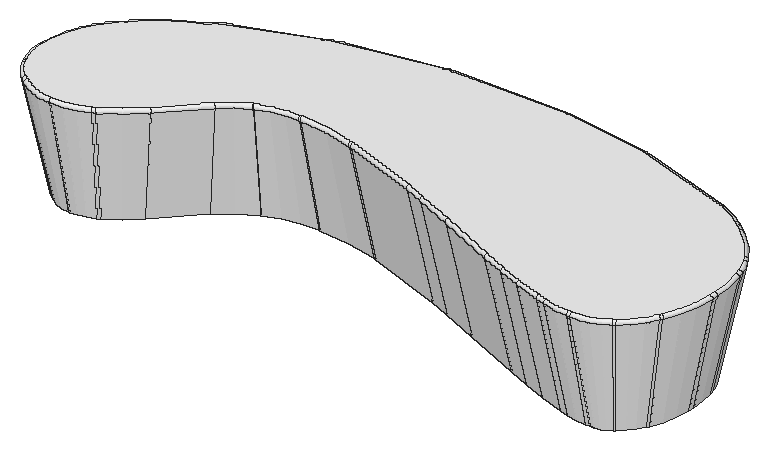
Revit family "HighTower_Plasma_Bench_Large", category Furniture, Revit 2015
Parameters
  Width = 7' - 3 1/2"
  URL = "www.hightoweraccess.com"
  Upholstery [instance] = Furniture - HIGH TOWER - Plasma - Upholstery
  Product URL = "http://www.hightoweraccess.com/pricelist/new/pdf/plasma.pdf"
  Model = "GZ5500"
  Manufacturer = "HighTower"
  Height = 1' - 3 1/2"
  Description = "Plasma - Large Bench"
  Depth = 2' - 4 1/2"
  Foot [instance] = Furniture - HIGH TOWER - Plasma - Foot
  Assembly Description = "Furniture & Accessories"
  Assembly Code = "E2020200"
Reference planes (in)
  plane 1 "Center Front/Back": y = -0.7523997
  plane 2: z = 0
  plane 3 "Center Left/Right": x = 0
  plane 4 "L": x = -43.75
  plane 5 "R": x = 43.75
  plane 6 "tt": z = 15.5
  plane 7 "F": y = -15.0023997
  plane 8: y = 13.4976003
  plane 9: through (-6.2533827, 2.3323677, 23.3895262) normal (0.4297, -0.4297, 0.7941)
Forms (in)
  Sweep 1, solid, material "Furniture - HIGH TOWER - Plasma - Upholstery" <- "Upholstery"
    path origin (0, 0, 15.5) x (-1, 0, 0) y (0, -1, 0)
      loop
        line (43.75, 6.9423497) -> (43.75, 7.1326372)
        arc (43.75, 7.1326372) -> (43.5334745, 8.9812919) -> (42.8956189, 10.7298764) r 8
        line (42.8956189, 10.7298764) -> (42.6515678, 11.2146638)
        arc (42.6515678, 11.2146638) -> (41.7715354, 12.5545608) -> (40.6097509, 13.659114) r 7
        line (40.6097509, 13.659114) -> (40.0939689, 14.0474792)
        arc (40.0939689, 14.0474792) -> (37.9050187, 15.2142947) -> (35.4638774, 15.6545116) r 8
        line (35.4638774, 15.6545116) -> (35.416889, 15.655581)
        arc (35.416889, 15.655581) -> (33.0449639, 15.3930962) -> (30.8254062, 14.5164602) r 9
        line (30.8254062, 14.5164602) -> (30.4681705, 14.3170483)
        arc (30.4681705, 14.3170483) -> (28.0961825, 12.7343047) -> (26.0039098, 10.7968322) r 18
        line (26.0039098, 10.7968322) -> (21.492218, 5.9001454)
        arc (21.492218, 5.9001454) -> (19.9998921, 4.5744829) -> (18.2740021, 3.5716263) r 10
        line (18.2740021, 3.5716263) -> (18.2210795, 3.5475844)
        arc (18.2210795, 3.5475844) -> (15.70439, 2.7251136) -> (13.0685971, 2.4745544) r 12
        line (13.0685971, 2.4745544) -> (12.8737714, 2.4776269)
        arc (12.8737714, 2.4776269) -> (9.2507494, 2.754844) -> (5.6878175, 3.4680442) r 30
        line (5.6878175, 3.4680442) -> (5.3306912, 3.5623436)
        arc (5.3306912, 3.5623436) -> (0.2994207, 5.0545569) -> (-4.6327261, 6.8474066) r 87
        line (-4.6327261, 6.8474066) -> (-7.263309, 7.8944912)
        arc (-7.263309, 7.8944912) -> (-9.7404511, 8.8911576) -> (-12.2101328, 9.9061694) r 360
        line (-12.2101328, 9.9061694) -> (-19.9783354, 13.1325409)
        arc (-19.9783354, 13.1325409) -> (-21.5256934, 13.7572583) -> (-23.0851559, 14.3511147) r 84
        line (-23.0851559, 14.3511147) -> (-26.0671423, 15.4528916)
        arc (-26.0671423, 15.4528916) -> (-27.7887502, 16.0399975) -> (-29.5378156, 16.5393945) r 36
        line (-29.5378156, 16.5393945) -> (-30.735314, 16.8488118)
        arc (-30.735314, 16.8488118) -> (-32.415932, 17.1749498) -> (-34.1237915, 17.293522) r 14
        line (-34.1237915, 17.293522) -> (-34.5604655, 17.2970749)
        arc (-34.5604655, 17.2970749) -> (-36.9229655, 16.9216385) -> (-39.0346872, 15.7978102) r 7.25
        line (-39.0346872, 15.7978102) -> (-39.2290057, 15.6486123)
        arc (-39.2290057, 15.6486123) -> (-40.9328212, 13.9824157) -> (-42.1940116, 11.9603878) r 10
        line (-42.1940116, 11.9603878) -> (-42.3324784, 11.6649201)
        arc (-42.3324784, 11.6649201) -> (-43.3913315, 8.5602647) -> (-43.75, 5.2996802) r 15
        line (-43.75, 5.2996802) -> (-43.75, 4.5056123)
        arc (-43.75, 4.5056123) -> (-43.5810436, 2.2605855) -> (-43.0779806, 0.0661336) r 15
        line (-43.0779806, 0.0661336) -> (-42.8204616, -0.7649838)
        arc (-42.8204616, -0.7649838) -> (-42.4173215, -1.8038506) -> (-41.8737368, -2.7766206) r 8
        line (-41.8737368, -2.7766206) -> (-41.4452289, -3.4316943)
        arc (-41.4452289, -3.4316943) -> (-39.6740761, -5.6911961) -> (-37.5440717, -7.6161408) r 16.8
        line (-37.5440717, -7.6161408) -> (-36.7123241, -8.2475494)
        arc (-36.7123241, -8.2475494) -> (-34.910464, -9.440877) -> (-32.970319, -10.3930154) r 16.8
        line (-32.970319, -10.3930154) -> (-32.8979195, -10.4229331)
        arc (-32.8979195, -10.4229331) -> (-26.714802, -12.6086562) -> (-20.3379674, -14.139769) r 63
        line (-20.3379674, -14.139769) -> (-19.3641604, -14.3205691)
        arc (-19.3641604, -14.3205691) -> (-14.3937552, -15.090238) -> (-9.3861955, -15.561049) r 84
        line (-9.3861955, -15.561049) -> (-8.2477137, -15.6337848)
        arc (-8.2477137, -15.6337848) -> (-0.803938, -15.7787374) -> (6.6234342, -15.2640033) r 84
        line (6.6234342, -15.2640033) -> (7.5780767, -15.1551617)
        arc (7.5780767, -15.1551617) -> (13.6590013, -14.1969875) -> (19.6358514, -12.7228759) r 72
        line (19.6358514, -12.7228759) -> (21.0720786, -12.3027613)
        arc (21.0720786, -12.3027613) -> (26.2296115, -10.536061) -> (31.2054938, -8.3085127) r 60
        line (31.2054938, -8.3085127) -> (32.0355394, -7.8906712)
        arc (32.0355394, -7.8906712) -> (34.1131928, -6.7395174) -> (36.093263, -5.4276027) r 30
        line (36.093263, -5.4276027) -> (37.1642497, -4.6553067)
        arc (37.1642497, -4.6553067) -> (38.8174832, -3.3073172) -> (40.2996417, -1.7732171) r 18
        line (40.2996417, -1.7732171) -> (40.7477746, -1.2506754)
        arc (40.7477746, -1.2506754) -> (42.1901834, 0.8456817) -> (43.1581258, 3.1990503) r 12
        line (43.1581258, 3.1990503) -> (43.2693635, 3.5801682)
        arc (43.2693635, 3.5801682) -> (43.6292332, 5.2441686) -> (43.75, 6.9423497) r 12
    profile origin (-43.75, -7.0374934, 15.5) x (1, 0, 0) y (0, 0, 1)
      loop
        line (3.1534332, -14.7125984) -> (4.0107126, -14.7125984) -> (4.0107126, 0) -> (0.3592264, 0)
        arc (0.3592264, 0) -> (0.0667718, -0.1402762) -> (-0.006886, -0.4561586) r 0.375
        line (-0.006886, -0.4561586) -> (3.1534332, -14.7125984)
  Extrusion 2, solid, material "Furniture - HIGH TOWER - Plasma - Upholstery" <- "Upholstery"
    sketch origin (-28.4824014, -6.9364336, 15.5) x (0, 1, 0) y (-1, 0, 0)
      loop
        line (15.8099019, -9.9725504) -> (15.3897873, -8.5363231)
        arc (15.3897873, -8.5363231) -> (13.7411824, -3.7235466) -> (11.662535, 0.9197218) r 55.9892874
        line (11.662535, 0.9197218) -> (11.2446936, 1.7497674)
        arc (11.2446936, 1.7497674) -> (10.247438, 3.5496584) -> (9.1109137, 5.2650122) r 25.9892874
        line (9.1109137, 5.2650122) -> (8.3386178, 6.3359989)
        arc (8.3386178, 6.3359989) -> (7.2909837, 7.6208633) -> (6.0987078, 8.7727711) r 13.9892874
        line (6.0987078, 8.7727711) -> (5.576166, 9.220904)
        arc (5.576166, 9.220904) -> (4.1804661, 10.1812222) -> (2.6136546, 10.825653) r 7.9892874
        line (2.6136546, 10.825653) -> (2.2325367, 10.9368907)
        arc (2.2325367, 10.9368907) -> (1.1246886, 11.1764826) -> (-0.0059161, 11.256886) r 7.9892874
        line (-0.0059161, 11.256886) -> (-0.1962036, 11.256886)
        arc (-0.1962036, 11.256886) -> (-1.1180555, 11.1489132) -> (-1.9900062, 10.8308395) r 3.9892874
        line (-1.9900062, 10.8308395) -> (-2.4747936, 10.5867884)
        arc (-2.4747936, 10.5867884) -> (-3.0469847, 10.2109784) -> (-3.5186742, 9.7148488) r 2.9892874
        line (-3.5186742, 9.7148488) -> (-3.9070394, 9.1990667)
        arc (-3.9070394, 9.1990667) -> (-4.4888847, 8.1075228) -> (-4.7084037, 6.890221) r 3.9892874
        line (-4.7084037, 6.890221) -> (-4.7094731, 6.8432326)
        arc (-4.7094731, 6.8432326) -> (-4.5639606, 5.5283197) -> (-4.0779841, 4.297874) r 4.9892874
        line (-4.0779841, 4.297874) -> (-3.8785721, 3.9406383)
        arc (-3.8785721, 3.9406383) -> (-2.6484913, 2.0971704) -> (-1.1427213, 0.4710924) r 13.9892874
        line (-1.1427213, 0.4710924) -> (3.7539654, -4.0405994)
        arc (3.7539654, -4.0405994) -> (5.6113131, -6.1314543) -> (7.0163867, -8.5495492) r 14.0107126
        line (7.0163867, -8.5495492) -> (7.0404286, -8.6024718)
        arc (7.0404286, -8.6024718) -> (8.1377906, -11.9603045) -> (8.4720931, -15.4770481) r 16.0107126
        line (8.4720931, -15.4770481) -> (8.4690206, -15.6718737)
        arc (8.4690206, -15.6718737) -> (8.1547422, -19.7792591) -> (7.346194, -23.8185208) r 34.0107126
        line (7.346194, -23.8185208) -> (7.2518946, -24.1756471)
        arc (7.2518946, -24.1756471) -> (5.6908901, -29.4388599) -> (3.8153898, -34.5983794) r 91.0107126
        line (3.8153898, -34.5983794) -> (2.7683052, -37.2289623)
        arc (2.7683052, -37.2289623) -> (1.7605351, -39.7337019) -> (0.7342151, -42.230898) r 364.0107126
        line (0.7342151, -42.230898) -> (-2.4921564, -49.9991006)
        arc (-2.4921564, -49.9991006) -> (-3.0870457, -51.4725776) -> (-3.6525475, -52.9575811) r 79.9892874
        line (-3.6525475, -52.9575811) -> (-4.7543243, -55.9395675)
        arc (-4.7543243, -55.9395675) -> (-5.2760216, -57.4693733) -> (-5.7197814, -59.0235777) r 31.9892874
        line (-5.7197814, -59.0235777) -> (-6.0291987, -60.221076)
        arc (-6.0291987, -60.221076) -> (-6.2619049, -61.4202315) -> (-6.3465085, -62.6388243) r 9.9892874
        line (-6.3465085, -62.6388243) -> (-6.3500615, -63.0754983)
        arc (-6.3500615, -63.0754983) -> (-6.1823171, -64.1310591) -> (-5.6801926, -65.0745727) r 3.2392874
        line (-5.6801926, -65.0745727) -> (-5.5309947, -65.2688913)
        arc (-5.5309947, -65.2688913) -> (-4.5330617, -66.2893553) -> (-3.322011, -67.0447185) r 5.9892874
        line (-3.322011, -67.0447185) -> (-3.0265433, -67.1831853)
        arc (-3.0265433, -67.1831853) -> (-0.7520133, -67.9589214) -> (1.6367534, -68.2216888) r 10.9892874
        line (1.6367534, -68.2216888) -> (2.4308213, -68.2216888)
        arc (2.4308213, -68.2216888) -> (4.0755709, -68.0979081) -> (5.6832684, -67.7293545) r 10.9892874
        line (5.6832684, -67.7293545) -> (6.5143859, -67.4718355)
        arc (6.5143859, -67.4718355) -> (7.0324281, -67.2708053) -> (7.5175105, -66.9997408) r 3.9892874
        line (7.5175105, -66.9997408) -> (8.1725842, -66.5712329)
        arc (8.1725842, -66.5712329) -> (9.8926686, -65.2229125) -> (11.3580657, -63.6014102) r 12.7892874
        line (11.3580657, -63.6014102) -> (11.9894743, -62.7696626)
        arc (11.9894743, -62.7696626) -> (12.8979153, -61.3979658) -> (13.622747, -59.9209973) r 12.7892874
        line (13.622747, -59.9209973) -> (13.6526647, -59.8485977)
        arc (13.6526647, -59.8485977) -> (15.69924, -54.0591105) -> (17.132879, -48.0882386) r 58.9892874
        line (17.132879, -48.0882386) -> (17.3136791, -47.1144316)
        arc (17.3136791, -47.1144316) -> (18.0465989, -42.3813463) -> (18.4949303, -37.6128804) r 79.9892874
        line (18.4949303, -37.6128804) -> (18.5676661, -36.4743987)
        arc (18.5676661, -36.4743987) -> (18.7056977, -29.3860378) -> (18.2155404, -22.3132972) r 79.9892874
        line (18.2155404, -22.3132972) -> (18.1066988, -21.3586547)
        arc (18.1066988, -21.3586547) -> (17.2018991, -15.6164639) -> (15.8099019, -9.9725504) r 67.9892874
    from -14.7125984 to 0
  Revolve 3, solid, material "Furniture - HIGH TOWER - Plasma - Foot" <- "Foot"
    sketch origin (-11.2430191, -9.6293386, 0) x (1, 0, 0) y (0, 0, 1)
      loop
        line (-25.2523956, 0) -> (-25.2523956, 0.7874016) -> (-26.4334717, 0.7874016) -> (-26.4334717, 0.375)
        arc (-26.4334717, 0.375) -> (-26.3236367, 0.109835) -> (-26.0584717, 0) r 0.375
        line (-26.0584717, 0) -> (-25.2523956, 0)
      axis (-25.2523956, 0) -> (-25.2523956, 0.7874016)
    angle from 0 to 360
  Revolve 4, solid, material "Furniture - HIGH TOWER - Plasma - Foot" <- "Foot"
    sketch origin (15.1349258, 9.6469867, 0) x (1, 0, 0) y (0, 0, 1)
      loop
        line (-25.2523956, 0) -> (-25.2523956, 0.7874016) -> (-26.4334717, 0.7874016) -> (-26.4334717, 0.375)
        arc (-26.4334717, 0.375) -> (-26.3236367, 0.109835) -> (-26.0584717, 0) r 0.375
        line (-26.0584717, 0) -> (-25.2523956, 0)
      axis (-25.2523956, 0) -> (-25.2523956, 0.7874016)
    angle from 0 to 360
  Revolve 5, solid, material "Furniture - HIGH TOWER - Plasma - Foot" <- "Foot"
    sketch origin (37.5365067, -4.2356465, 0) x (1, 0, 0) y (0, 0, 1)
      loop
        line (-25.2523956, 0) -> (-25.2523956, 0.7874016) -> (-26.4334717, 0.7874016) -> (-26.4334717, 0.375)
        arc (-26.4334717, 0.375) -> (-26.3236367, 0.109835) -> (-26.0584717, 0) r 0.375
        line (-26.0584717, 0) -> (-25.2523956, 0)
      axis (-25.2523956, 0) -> (-25.2523956, 0.7874016)
    angle from 0 to 360
  Revolve 6, solid, material "Furniture - HIGH TOWER - Plasma - Foot" <- "Foot"
    sketch origin (52.6261826, 7.5670573, 0) x (1, 0, 0) y (0, 0, 1)
      loop
        line (-25.2523956, 0) -> (-25.2523956, 0.7874016) -> (-26.4334717, 0.7874016) -> (-26.4334717, 0.375)
        arc (-26.4334717, 0.375) -> (-26.3236367, 0.109835) -> (-26.0584717, 0) r 0.375
        line (-26.0584717, 0) -> (-25.2523956, 0)
      axis (-25.2523956, 0) -> (-25.2523956, 0.7874016)
    angle from 0 to 360
  Revolve 7, solid, material "Furniture - HIGH TOWER - Plasma - Foot" <- "Foot"
    sketch origin (59.5443649, -12.0309156, 0) x (1, 0, 0) y (0, 0, 1)
      loop
        line (-25.2523956, 0) -> (-25.2523956, 0.7874016) -> (-26.4334717, 0.7874016) -> (-26.4334717, 0.375)
        arc (-26.4334717, 0.375) -> (-26.3236367, 0.109835) -> (-26.0584717, 0) r 0.375
        line (-26.0584717, 0) -> (-25.2523956, 0)
      axis (-25.2523956, 0) -> (-25.2523956, 0.7874016)
    angle from 0 to 360
Cuts and joins
  joined: Sweep 1, Extrusion 2
Dimensions and locks (in)
  equal spacing: plane 4 "L", plane 3 "Center Left/Right", plane 5 "R"
  equal spacing: plane 8, plane 1 "Center Front/Back", plane 7 "F"
  "Width": plane 4 "L" to plane 5 "R"
  "Depth": plane 8 to plane 7 "F"
  "Height": plane 6 "tt" to level
Automatic sketch dimensions
  Sweep 1 sketch curve to plane 5 "R" = 0' - 0"
  Sweep 1 sketch curve to plane 4 "L" = 0' - 0"
  Sweep 1 sketch curve to plane 5 "R" = 0' - 8.44769"
  plane 5 "R" to Sweep 1 sketch curve = 0' - 0.67202"
  Sweep 1 sketch curve to Sweep 1 sketch curve = 0' - 0.25752"
  plane 5 "R" to Sweep 1 sketch curve = 0' - 1.41752"
  Sweep 1 sketch curve to Sweep 1 sketch curve = 0' - 0.13847"
  plane 5 "R" to Sweep 1 sketch curve = 0' - 1.87626"
  Sweep 1 sketch curve to Sweep 1 sketch curve = 0' - 0.42851"
  Sweep 1 sketch curve to plane 7 "F" = 0' - 0.64621"
  plane 5 "R" to Sweep 1 sketch curve = 0' - 4.52099"
  Sweep 1 sketch curve to Sweep 1 sketch curve = 0' - 0.19432"
  plane 5 "R" to Sweep 1 sketch curve = 0' - 5.20606"
  Sweep 1 sketch curve to Sweep 1 sketch curve = 0' - 3.90116"
  Sweep 1 sketch curve to Sweep 1 sketch curve = 0' - 0.83175"  (x2)
  plane 1 "Center Front/Back" to Sweep 1 sketch curve = 0' - 0.85034"
  Sweep 1 sketch curve to Sweep 1 sketch curve = 0' - 7.64159"
  Sweep 1 sketch curve to Sweep 1 sketch curve = 0' - 4.41524"
  Sweep 1 sketch curve to plane 7 "F" = 0' - 2.29468"
  Sweep 1 sketch curve to Sweep 1 sketch curve = 0' - 4.47422"
  Sweep 1 sketch curve to Sweep 1 sketch curve = 0' - 0.94118"
  Sweep 1 sketch curve to Sweep 1 sketch curve = 0' - 0.43667"
  Sweep 1 sketch curve to Sweep 1 sketch curve = 0' - 1.48043"
  Sweep 1 sketch curve to Sweep 1 sketch curve = 0' - 3.74201"
  Sweep 1 sketch curve to plane 8 = 0' - 3.07467"
  Sweep 1 sketch curve to Sweep 1 sketch curve = 0' - 0.0724"
  Sweep 1 sketch curve to Sweep 1 sketch curve = 0' - 3.38848"
  Sweep 1 sketch curve to plane 7 "F" = 0' - 1.53699"
  Sweep 1 sketch curve to Sweep 1 sketch curve = 0' - 1.1975"
  Sweep 1 sketch curve to Sweep 1 sketch curve = 0' - 0"
  Sweep 1 sketch curve to Sweep 1 sketch curve = 0' - 1.36399"
  Sweep 1 sketch curve to plane 7 "F" = 0' - 0.45049"
  Sweep 1 sketch curve to Sweep 1 sketch curve = 0' - 3.47067"
  plane 7 "F" to Sweep 1 sketch curve = 0' - 0.65129"
  plane 8 to Sweep 1 sketch curve = 0' - 0.64217"
  plane 8 to Sweep 1 sketch curve = 0' - 2.06345"
  Sweep 1 sketch curve to Sweep 1 sketch curve = 0' - 1.13848"  (x2)
  Sweep 1 sketch curve to Sweep 1 sketch curve = 0' - 4.94682"
  Sweep 1 sketch curve to Sweep 1 sketch curve = 0' - 2.63058"
  plane 3 "Center Left/Right" to Sweep 1 sketch curve = 0' - 0.57802"
  Sweep 1 sketch curve to plane 3 "Center Left/Right" = 0' - 5.33069"
  Sweep 1 sketch curve to Sweep 1 sketch curve = 0' - 0.35713"
  plane 8 to Sweep 1 sketch curve = 0' - 1.7664"
  plane 8 to Sweep 1 sketch curve = 0' - 1.65756"
  Sweep 1 sketch curve to Sweep 1 sketch curve = 0' - 0.95464"
  Sweep 1 sketch curve to Sweep 1 sketch curve = 0' - 7.18595"
  Sweep 1 sketch curve to Sweep 1 sketch curve = 0' - 0.19483"
  plane 7 "F" to Sweep 1 sketch curve = 0' - 0.52934"
  Sweep 1 sketch curve to Sweep 1 sketch curve = 0' - 0.88013"
  Sweep 1 sketch curve to Sweep 1 sketch curve = 0' - 5.15248"
  Sweep 1 sketch curve to Sweep 1 sketch curve = 0' - 0.05292"
  Sweep 1 sketch curve to plane 8 = 0' - 0.77472"
  Sweep 1 sketch curve to Sweep 1 sketch curve = 1' - 0.05777"
  Sweep 1 sketch curve to plane 8 = 0' - 1.19484"
  Sweep 1 sketch curve to Sweep 1 sketch curve = 0' - 1.43623"
  Sweep 1 sketch curve to Sweep 1 sketch curve = 0' - 3.21822"
  Sweep 1 sketch curve to Sweep 1 sketch curve = 0' - 0.63221"
  plane 7 "F" to Sweep 1 sketch curve = 0' - 0.68535"
  plane 7 "F" to Sweep 1 sketch curve = 0' - 0.48594"
  Sweep 1 sketch curve to Sweep 1 sketch curve = 0' - 0.35724"
  Sweep 1 sketch curve to Sweep 1 sketch curve = 0' - 10.13342"
  Sweep 1 sketch curve to Sweep 1 sketch curve = 0' - 5.00264"
  Sweep 1 sketch curve to Sweep 1 sketch curve = 0' - 0.11124"  (x2)
  Sweep 1 sketch curve to Sweep 1 sketch curve = 0' - 0.83005"
  Sweep 1 sketch curve to Sweep 1 sketch curve = 0' - 3.46211"
  Sweep 1 sketch curve to Sweep 1 sketch curve = 0' - 0.06974"
  Sweep 1 sketch curve to plane 7 "F" = 0' - 0.65318"
  Sweep 1 sketch curve to plane 7 "F" = 0' - 0.65211"
  Sweep 1 sketch curve to Sweep 1 sketch curve = 0' - 0.04699"
  Sweep 1 sketch curve to Sweep 1 sketch curve = 0' - 0.46815"
  Sweep 1 sketch curve to Sweep 1 sketch curve = 0' - 4.05772"
  Sweep 1 sketch curve to Sweep 1 sketch curve = 0' - 0.64915"
  Sweep 1 sketch curve to Sweep 1 sketch curve = 0' - 1.07099"
  Sweep 1 sketch curve to Sweep 1 sketch curve = 0' - 2.07734"
  plane 7 "F" to Sweep 1 sketch curve = 0' - 0.95492"
  plane 4 "L" to Sweep 1 sketch curve = 0' - 3.65603"
  Sweep 1 sketch curve to Sweep 1 sketch curve = 0' - 1.05806"
  plane 7 "F" to Sweep 1 sketch curve = 0' - 1.34329"
  Sweep 1 sketch curve to Sweep 1 sketch curve = 0' - 0.51578"
  Sweep 1 sketch curve to Sweep 1 sketch curve = 0' - 0.44813"
  plane 4 "L" to Sweep 1 sketch curve = 0' - 1.09843"
  Sweep 1 sketch curve to Sweep 1 sketch curve = 0' - 0.24405"
  plane 4 "L" to Sweep 1 sketch curve = 0' - 0.59187"
  Sweep 1 sketch curve to plane 4 "L" = 6' - 10.1228"
  Sweep 1 sketch curve to Sweep 1 sketch curve = 3' - 10.1268"
  Sweep 1 sketch curve to Sweep 1 sketch curve = 0' - 0.07274"
  Sweep 1 sketch curve to Sweep 1 sketch curve = 0' - 0.1808"
  Sweep 1 sketch curve to Sweep 1 sketch curve = 0' - 0.02992"
  Sweep 1 sketch curve to Sweep 1 sketch curve = 0' - 0.63141"
  Sweep 1 sketch curve to plane 1 "Center Front/Back" = 0' - 4.18409"
  Sweep 1 sketch curve to Sweep 1 sketch curve = 0' - 0.65507"
  Sweep 1 sketch curve to Sweep 1 sketch curve = 0' - 0.37317"
  Sweep 1 sketch curve to Sweep 1 sketch curve = 0' - 0.52254"
  Sweep 1 sketch curve to plane 1 "Center Front/Back" = 0' - 0.68627"
  Sweep 1 sketch curve to Sweep 1 sketch curve = 0' - 0.19029"
  Sweep 1 sketch curve to Sweep 1 sketch curve = 0' - 0.93444"
  Sweep 1 sketch curve to Sweep 1 sketch curve = 0' - 0.30942"
  Sweep 1 sketch curve to plane 6 "tt" = 0' - 0"
  profile plane to Sweep 1 sketch curve = 0' - 0.00689"
  Sweep 1 sketch curve to profile plane = 0' - 0.35923"
  Sweep 1 sketch curve to profile plane = 0' - 3.15343"
  Sweep 1 sketch curve to Sweep 1 sketch curve = 0' - 3.65149"
  Sweep 1 sketch curve to Sweep 1 sketch curve = 0' - 0 3/8"
  Sweep 1 sketch curve to plane 6 "tt" = 1' - 2.7126"
  Extrusion 2 sketch curve to plane 4 "L" = 6' - 10.1228"
  Extrusion 2 sketch curve to plane 7 "F" = 27' - 3.36896"
  Extrusion 2 sketch curve to plane 7 "F" = 6' - 0.67692"
  Extrusion 2 sketch curve to Extrusion 2 sketch curve = 1' - 7.41127"
  Extrusion 2 sketch curve to Extrusion 2 sketch curve = 0' - 0.07274"  (x2)
  plane 3 "Center Left/Right" to Extrusion 2 sketch curve = 0' - 0.57802"
  Extrusion 2 sketch curve to Extrusion 2 sketch curve = 0' - 11.81392"
  Extrusion 2 sketch curve to Extrusion 2 sketch curve = 0' - 8.5797"
  Extrusion 2 sketch curve to Extrusion 2 sketch curve = 0' - 11.09726"
  Extrusion 2 sketch curve to Extrusion 2 sketch curve = 1' - 0.81023"
  Extrusion 2 sketch curve to plane 7 "F" = 0' - 3.90325"
  plane 7 "F" to Extrusion 2 sketch curve = 0' - 0.52934"
  plane 7 "F" to Extrusion 2 sketch curve = 0' - 1.7159"
  Extrusion 2 sketch curve to Extrusion 2 sketch curve = 0' - 0.00355"
  plane 7 "F" to Extrusion 2 sketch curve = 0' - 2.03677"
  Extrusion 2 sketch curve to Extrusion 2 sketch curve = 0' - 1 51/64"
  Extrusion 2 sketch curve to Extrusion 2 sketch curve = 0' - 0.30942"
  Extrusion 2 sketch curve to Extrusion 2 sketch curve = 0' - 0.66987"
  Extrusion 2 sketch curve to Extrusion 2 sketch curve = 0' - 0.1492"
  Extrusion 2 sketch curve to Extrusion 2 sketch curve = 0' - 0.00107"
  Extrusion 2 sketch curve to Extrusion 2 sketch curve = 0' - 0.19941"
  Extrusion 2 sketch curve to Extrusion 2 sketch curve = 0' - 0.48479"
  Extrusion 2 sketch curve to Extrusion 2 sketch curve = 0' - 0.4105"
  Extrusion 2 sketch curve to Extrusion 2 sketch curve = 0' - 0.63141"  (x2)
  Extrusion 2 sketch curve to Extrusion 2 sketch curve = 0' - 0.79407"
  Extrusion 2 sketch curve to Extrusion 2 sketch curve = 0' - 0.38112"  (x2)
  plane 1 "Center Front/Back" to Extrusion 2 sketch curve = 0' - 0.85034"
  plane 1 "Center Front/Back" to Extrusion 2 sketch curve = 0' - 0.60787"
  plane 1 "Center Front/Back" to Extrusion 2 sketch curve = 0' - 0.50077"
  plane 1 "Center Front/Back" to Extrusion 2 sketch curve = 0' - 0.08533"
  Extrusion 2 sketch curve to plane 1 "Center Front/Back" = 0' - 0.33035"
  Extrusion 2 sketch curve to plane 1 "Center Front/Back" = 0' - 0.83235"
  Extrusion 2 sketch curve to Extrusion 2 sketch curve = 0' - 0.02404"
  Extrusion 2 sketch curve to plane 1 "Center Front/Back" = 0' - 1.06786"
  Extrusion 2 sketch curve to Extrusion 2 sketch curve = 0' - 0.0943"
  Extrusion 2 sketch curve to Extrusion 2 sketch curve = 0' - 1.00312"
  Extrusion 2 sketch curve to Extrusion 2 sketch curve = 0' - 0.65507"
  Extrusion 2 sketch curve to plane 1 "Center Front/Back" = 0' - 2.15245"
  Extrusion 2 sketch curve to plane 1 "Center Front/Back" = 0' - 2.15458"
  Extrusion 2 sketch curve to plane 1 "Center Front/Back" = 0' - 2.28499"
  Extrusion 2 sketch curve to Extrusion 2 sketch curve = 0' - 0.00307"
  Extrusion 2 sketch curve to Extrusion 2 sketch curve = 0' - 0.7723"
  Extrusion 2 sketch curve to Extrusion 2 sketch curve = 0' - 0.41784"
  Extrusion 2 sketch curve to Extrusion 2 sketch curve = 0' - 0.02992"
  Extrusion 2 sketch curve to Extrusion 2 sketch curve = 0' - 0.42011"
  Extrusion 2 sketch curve to plane 1 "Center Front/Back" = 0' - 10.94885"
  Extrusion 2 sketch curve to Extrusion 2 sketch curve = 0' - 0.1808"
  Extrusion 2 sketch curve to plane 8 = 0' - 2.32734"
  Extrusion 2 sketch curve to Extrusion 2 sketch curve = 0' - 0.10884"
  Extrusion 2 sketch curve to plane 8 = 0' - 1.9391"
  plane 8 to Extrusion 2 sketch curve = 0' - 4.81827"
  Extrusion 2 sketch curve to plane 5 "R" = 0' - 8.44769"
  Extrusion 2 sketch curve to Extrusion 2 sketch curve = 3' - 10.1268"
  plane 5 "R" to Extrusion 2 sketch curve = 0' - 4.01071"
  Extrusion 2 sketch curve to Extrusion 2 sketch curve = 0' - 0.49233"
  Extrusion 2 sketch curve to Extrusion 2 sketch curve = 0' - 0.25752"
  Extrusion 2 sketch curve to Extrusion 2 sketch curve = 0' - 1.0385"
  Extrusion 2 sketch curve to Extrusion 2 sketch curve = 0' - 0.13847"
  plane 5 "R" to Extrusion 2 sketch curve = 0' - 5.20606"
  Extrusion 2 sketch curve to Extrusion 2 sketch curve = 0' - 0.47209"
  Extrusion 2 sketch curve to Extrusion 2 sketch curve = 0' - 0.42851"
  Extrusion 2 sketch curve to Extrusion 2 sketch curve = 0' - 1.77583"
  Extrusion 2 sketch curve to Extrusion 2 sketch curve = 0' - 0.19432"
  Extrusion 2 sketch curve to Extrusion 2 sketch curve = 0' - 2.96982"
  Extrusion 2 sketch curve to Extrusion 2 sketch curve = 0' - 1.48043"
  Extrusion 2 sketch curve to Extrusion 2 sketch curve = 0' - 0.83175"
  Extrusion 2 sketch curve to Extrusion 2 sketch curve = 0' - 0.94118"
  Extrusion 2 sketch curve to Extrusion 2 sketch curve = 0' - 0.43667"
  Extrusion 2 sketch curve to Extrusion 2 sketch curve = 0' - 2.84867"
  Extrusion 2 sketch curve to Extrusion 2 sketch curve = 0' - 0.0724"
  Extrusion 2 sketch curve to Extrusion 2 sketch curve = 0' - 1.1975"
  Extrusion 2 sketch curve to Extrusion 2 sketch curve = 0' - 1.13848"  (x2)
  Extrusion 2 sketch curve to Extrusion 2 sketch curve = 0' - 2.63058"
  Extrusion 2 sketch curve to Extrusion 2 sketch curve = 0' - 0.35713"
  Extrusion 2 sketch curve to Extrusion 2 sketch curve = 0' - 0.95464"
  Extrusion 2 sketch curve to Extrusion 2 sketch curve = 0' - 8.14665"
  Extrusion 2 sketch curve to Extrusion 2 sketch curve = 0' - 0.19483"
  Extrusion 2 sketch curve to Extrusion 2 sketch curve = 0' - 0.88013"
  Extrusion 2 sketch curve to Extrusion 2 sketch curve = 0' - 0.05292"
  Extrusion 2 sketch curve to Extrusion 2 sketch curve = 0' - 1.43623"
  Extrusion 2 sketch curve to Extrusion 2 sketch curve = 0' - 2.31737"
  Extrusion 2 sketch curve to Extrusion 2 sketch curve = 0' - 0.83005"
  Extrusion 2 sketch curve to Extrusion 2 sketch curve = 0' - 2.68527"
  Extrusion 2 sketch curve to Extrusion 2 sketch curve = 0' - 0.11124"
  Extrusion 2 sketch curve to Extrusion 2 sketch curve = 0' - 0.67304"
  Extrusion 2 sketch curve to Extrusion 2 sketch curve = 0' - 0.35724"
  Extrusion 2 sketch curve to Extrusion 2 sketch curve = 0' - 1.07099"
  Extrusion 2 sketch curve to Extrusion 2 sketch curve = 0' - 3.46211"
  Extrusion 2 sketch curve to Extrusion 2 sketch curve = 0' - 0.06974"
  Extrusion 2 sketch curve to Extrusion 2 sketch curve = 0' - 0.04699"
  Extrusion 2 sketch curve to Extrusion 2 sketch curve = 0' - 0.46815"
  Extrusion 2 sketch curve to Extrusion 2 sketch curve = 0' - 0.64915"
  Extrusion 2 sketch curve to Extrusion 2 sketch curve = 0' - 0.44813"
  Extrusion 2 sketch curve to Extrusion 2 sketch curve = 0' - 0.51578"
  Extrusion 2 sketch curve to Extrusion 2 sketch curve = 0' - 0.24405"
  Revolve 3 sketch curve to level = 0' - 0"
  level to Revolve 3 sketch curve = 0' - 0 3/8"
  plane 4 "L" to Revolve 3 sketch curve = 0' - 6.07351"
  Revolve 3 sketch curve to Revolve 3 sketch curve = 0' - 0.80608"
  Revolve 3 sketch curve to Revolve 3 sketch curve = 0' - 0"
  Revolve 3 sketch curve to Revolve 3 sketch curve = 0' - 0.57586"
  Revolve 3 sketch curve to Revolve 3 sketch curve = 0' - 0.4124"
  Revolve 3 sketch curve to Revolve 3 sketch curve = 0' - 0.51607"
  Revolve 4 sketch curve to level = 0' - 0"
  level to Revolve 4 sketch curve = 0' - 0 3/8"
  Revolve 4 sketch curve to Revolve 4 sketch curve = 0' - 0.80608"
  Revolve 4 sketch curve to Revolve 4 sketch curve = 0' - 0"
  Revolve 4 sketch curve to Revolve 4 sketch curve = 0' - 0.57586"
  Revolve 4 sketch curve to Revolve 4 sketch curve = 0' - 0.4124"
  Revolve 4 sketch curve to Revolve 4 sketch curve = 0' - 0.51607"
  Revolve 5 sketch curve to level = 0' - 0"
  level to Revolve 5 sketch curve = 0' - 0 3/8"
  Revolve 5 sketch curve to Revolve 5 sketch curve = 0' - 0.80608"
  Revolve 5 sketch curve to Revolve 5 sketch curve = 0' - 0"
  Revolve 5 sketch curve to Revolve 5 sketch curve = 0' - 0.57586"
  Revolve 5 sketch curve to Revolve 5 sketch curve = 0' - 0.4124"
  Revolve 5 sketch curve to Revolve 5 sketch curve = 0' - 0.51607"
  Revolve 6 sketch curve to level = 0' - 0"
  level to Revolve 6 sketch curve = 0' - 0 3/8"
  Revolve 6 sketch curve to Revolve 6 sketch curve = 0' - 0.80608"
  Revolve 6 sketch curve to Revolve 6 sketch curve = 0' - 0"
  Revolve 6 sketch curve to Revolve 6 sketch curve = 0' - 0.57586"
  Revolve 6 sketch curve to Revolve 6 sketch curve = 0' - 0.4124"
  Revolve 6 sketch curve to Revolve 6 sketch curve = 0' - 0.51607"
  Revolve 7 sketch curve to level = 0' - 0"
  level to Revolve 7 sketch curve = 0' - 0 3/8"
  Revolve 7 sketch curve to Revolve 7 sketch curve = 0' - 0.80608"
  Revolve 7 sketch curve to Revolve 7 sketch curve = 0' - 0"
  Revolve 7 sketch curve to Revolve 7 sketch curve = 0' - 0.57586"
  Revolve 7 sketch curve to Revolve 7 sketch curve = 0' - 0.4124"
  Revolve 7 sketch curve to Revolve 7 sketch curve = 0' - 0.51607"
  Sweep 1 sketch curve to Sweep 1 sketch curve = 0' - 4.59148"
  Sweep 1 sketch curve to Sweep 1 sketch curve = 0' - 0.38112"
  Sweep 1 sketch curve to Sweep 1 sketch curve = 0' - 0.79407"
  Sweep 1 sketch curve to Sweep 1 sketch curve = 0' - 2.32852"
  plane 1 "Center Front/Back" to Sweep 1 sketch curve = 0' - 6.09501"
  Sweep 1 sketch curve to Sweep 1 sketch curve = 0' - 1.04708"
  Extrusion 2 sketch curve to Extrusion 2 sketch curve = 0' - 1.86549"
  Extrusion 2 sketch curve to Extrusion 2 sketch curve = 0' - 2.33042"
  Extrusion 2 sketch curve to Extrusion 2 sketch curve = 0' - 1.7938"
  Extrusion 2 sketch curve to Extrusion 2 sketch curve = 0' - 0.47473"
  Extrusion 2 sketch curve to Extrusion 2 sketch curve = 0' - 2.03409"
  Extrusion 2 sketch curve to Extrusion 2 sketch curve = 0' - 4.04652"
  Sweep 1 sketch curve to plane 7 "F" = 0' - 3.90325"
  Sweep 1 sketch curve to Sweep 1 sketch curve = 0' - 4.51169"
  plane 4 "L" to Sweep 1 sketch curve = 1' - 4.20817"
  Extrusion 2 sketch curve to plane 3 "Center Left/Right" = 0' - 4.30675"
  Extrusion 2 sketch curve to Extrusion 2 sketch curve = 0' - 5.28856"
  Extrusion 2 sketch curve to Extrusion 2 sketch curve = 0' - 2.19432"
  Sweep 1 sketch curve to Sweep 1 sketch curve = 0' - 5.28856"
  Sweep 1 sketch curve to Sweep 1 sketch curve = 0' - 0.41784"
  Sweep 1 sketch curve to Sweep 1 sketch curve = 0' - 2.14547"
  Extrusion 2 sketch curve to Extrusion 2 sketch curve = 0' - 1.63327"
  Sweep 1 sketch curve to plane 3 "Center Left/Right" = 0' - 4.22719"
  Sweep 1 sketch curve to plane 3 "Center Left/Right" = 0' - 6.62343"
  Sweep 1 sketch curve to Sweep 1 sketch curve = 0' - 8.2344"
  Sweep 1 sketch curve to plane 3 "Center Left/Right" = 1' - 1.34683"
  Extrusion 2 sketch curve to plane 3 "Center Left/Right" = 0' - 4.22719"
  Extrusion 2 sketch curve to plane 3 "Center Left/Right" = 1' - 1 33/128"
  Revolve 4 sketch curve to plane 3 "Center Left/Right" = 0' - 11.29855"
  plane 3 "Center Left/Right" to Sweep 1 sketch curve = 0' - 9.3862"
  plane 3 "Center Left/Right" to Sweep 1 sketch curve = 0' - 8.83772"
  Sweep 1 sketch curve to Sweep 1 sketch curve = 0' - 3.45247"
  plane 3 "Center Left/Right" to Extrusion 2 sketch curve = 0' - 9.13048"
  plane 1 "Center Front/Back" to Sweep 1 sketch curve = 0' - 1.72215"
  Sweep 1 sketch curve to Sweep 1 sketch curve = 0' - 0.00307"
  plane 1 "Center Front/Back" to Sweep 1 sketch curve = 0' - 2.44665"
  Sweep 1 sketch curve to Sweep 1 sketch curve = 0' - 1.69125"
  plane 1 "Center Front/Back" to Sweep 1 sketch curve = 0' - 2.71564"
  Sweep 1 sketch curve to Sweep 1 sketch curve = 0' - 0.0943"
  Sweep 1 sketch curve to Sweep 1 sketch curve = 0' - 0.02404"
  Extrusion 2 sketch curve to Extrusion 2 sketch curve = 0' - 2.23845"
  Extrusion 2 sketch curve to Extrusion 2 sketch curve = 0' - 1.69125"
  plane 1 "Center Front/Back" to Extrusion 2 sketch curve = 0' - 2.43007"
  plane 1 "Center Front/Back" to Extrusion 2 sketch curve = 0' - 2.36864"
  Sweep 1 sketch curve to Sweep 1 sketch curve = 0' - 4.46426"
  Sweep 1 sketch curve to Sweep 1 sketch curve = 0' - 3.65321"
  Extrusion 2 sketch curve to Extrusion 2 sketch curve = 0' - 0.46528"
  Extrusion 2 sketch curve to Extrusion 2 sketch curve = 0' - 2.13378"
  Extrusion 2 sketch curve to plane 8 = 0' - 5.04425"
  Sweep 1 sketch curve to Sweep 1 sketch curve = 0' - 10.95177"
  plane 7 "F" to Sweep 1 sketch curve = 0' - 1.86986"
  Sweep 1 sketch curve to Sweep 1 sketch curve = 0' - 0.97381"
  Sweep 1 sketch curve to Sweep 1 sketch curve = 0' - 7.7682"
  Extrusion 2 sketch curve to Extrusion 2 sketch curve = 0' - 10.47536"
  Extrusion 2 sketch curve to Extrusion 2 sketch curve = 0' - 0.97381"
  Extrusion 2 sketch curve to Extrusion 2 sketch curve = 0' - 7.7682"
  plane 3 "Center Left/Right" to Revolve 5 sketch curve = 0' - 11.10303"
  plane 1 "Center Front/Back" to Sweep 1 sketch curve = 0' - 4.54728"
  Sweep 1 sketch curve to Sweep 1 sketch curve = 0' - 2.98199"
  Extrusion 2 sketch curve to Extrusion 2 sketch curve = 0' - 3.18548"
  Extrusion 2 sketch curve to Extrusion 2 sketch curve = 0' - 2.98199"
  plane 5 "R" to Revolve 6 sketch curve = 1' - 5.55729"
  plane 5 "R" to Revolve 7 sketch curve = 0' - 10.63911"
  Sweep 1 sketch curve to plane 1 "Center Front/Back" = 0' - 9.06091"
  Sweep 1 sketch curve to plane 1 "Center Front/Back" = 0' - 2.52562"
  Sweep 1 sketch curve to Sweep 1 sketch curve = 0' - 4.42291"
  Sweep 1 sketch curve to Sweep 1 sketch curve = 0' - 2.01168"
  Sweep 1 sketch curve to Sweep 1 sketch curve = 0' - 2.33042"
  Extrusion 2 sketch curve to Extrusion 2 sketch curve = 0' - 0.96546"
  plane 7 "F" to Extrusion 2 sketch curve = 0' - 3.35649"
  Extrusion 2 sketch curve to Extrusion 2 sketch curve = 0' - 0.63149"
  Extrusion 2 sketch curve to Extrusion 2 sketch curve = 0' - 0.80136"
  Extrusion 2 sketch curve to Extrusion 2 sketch curve = 0' - 1.10178"
  Extrusion 2 sketch curve to Extrusion 2 sketch curve = 0' - 0.38837"
  Extrusion 2 sketch curve to Extrusion 2 sketch curve = 0' - 2.20898"
  Extrusion 2 sketch curve to Extrusion 2 sketch curve = 0' - 3.23918"
  Extrusion 2 sketch curve to Extrusion 2 sketch curve = 0' - 0.29547"
  Extrusion 2 sketch curve to Extrusion 2 sketch curve = 0' - 0.87036"
  Extrusion 2 sketch curve to Extrusion 2 sketch curve = 0' - 1.16039"
  Extrusion 2 sketch curve to Extrusion 2 sketch curve = 0' - 1.04388"
  Extrusion 2 sketch curve to Extrusion 2 sketch curve = 0' - 0.93444"
  Extrusion 2 sketch curve to Extrusion 2 sketch curve = 0' - 1.13681"
  plane 1 "Center Front/Back" to Extrusion 2 sketch curve = 0' - 5.44982"
